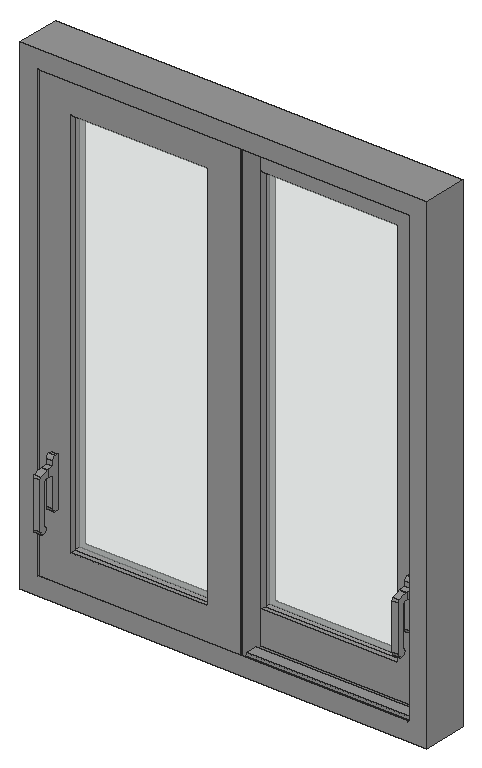
Revit family "2015_Ventana_Alugom_Matra-135RPT_Corredera-2-Hojas_JGJGJG_xxx", category Ventanas, Revit 2015
Parameters (values of type "1230x1480 mm Corredera")
  𝑙𝑔 P2 = (Altura / 1.00 mm - (AnchoMarco / 1.00 mm * 2)) * 2  # 2372
  𝑙𝑔 P1 = ((Altura / 1.00 mm - (AnchoMarco / 1.00 mm * 2)) + (Anchura / 1.00 mm - (AnchoMarco / 1.00 mm * 2 + AnchoMarcoCentral / 1.00 mm))) * 2  # 4028
  𝑈𝑤 = a / Area * 1.00 mm²  # 1.8628
  𝑈𝑔 V2 = 1  # constant formula
  𝑈𝑔 V1 = 1  # constant formula
  𝑈𝑓 P2 = 3.039  # constant formula
  𝑈𝑓 P1 = 2.42  # constant formula
  𝐴𝑔 V2 = (Altura / 1.00 mm - (AnchoMarco / 1.00 mm * 2)) * ((Anchura / 1.00 mm - (AnchoMarco / 1.00 mm * 2 + AnchoMarcoCentral / 1.00 mm)) / 2)  # 491004
  𝐴𝑔 V1 = (Altura / 1.00 mm - (AnchoMarco / 1.00 mm * 2)) * ((Anchura / 1.00 mm - (AnchoMarco / 1.00 mm * 2 + AnchoMarcoCentral / 1.00 mm)) / 2)  # 491004
  𝐴𝑓 P2 = (Altura / 1.00 mm - (AnchoMarco / 1.00 mm * 2)) * (AnchoMarcoCentral / 1.00 mm)  # 128088
  𝐴𝑓 P1 = (((Altura / 1.00 mm + Anchura / 1.00 mm) * AnchoMarco / 1.00 mm) * 2) - (AnchoMarco / 1.00 mm * AnchoMarco / 1.00 mm * 4)  # 710304
  a = (((1000000 * (((𝐴𝑓 P1 * 𝑈𝑓 P1) + (𝐴𝑓 P2 * 𝑈𝑓 P2)) / (𝐴𝑓 P1 + 𝐴𝑓 P2))) * (10 * (𝐴𝑓 P1 + 𝐴𝑓 P2))) / 10000000) + ((𝐴𝑔 V1 + 𝐴𝑔 V2) * (1 * ((𝐴𝑔 V1 * 𝑈𝑔 V1) + (𝐴𝑔 V2 * 𝑈𝑔 V2)) / (𝐴𝑔 V1 + 𝐴𝑔 V2))) + (((1000.00 mm² * (𝑙𝑔 P1 + 𝑙𝑔 P2)) * ((Y𝑔 P1 * 𝑙𝑔 P1) + (Y𝑔 P2 * 𝑙𝑔 P2)) / (𝑙𝑔 P1 + 𝑙𝑔 P2)) / 10.00 mm²)  # 3391003.112
  Y𝑔 P2 = 0.47  # constant formula
  Y𝑔 P1 = 0.47  # constant formula
  VidaUtilEsperada = ""
  VersionElementoBIM = "1.0"  # constant formula
  UnidadMedicion = ""
  UnidadMantenimiento = ""
  Unidad = ""
  Uniclass2.0Titulo = "Accessible openings: Doors and hatches, French windows, sliding wall windows."  # constant formula
  Uniclass2.0Codigo = "30-00-00"  # constant formula
  URLProducto = ""
  UNSPSCTitulo = "Horizontal slider windows"  # constant formula
  UNSPSCCodigo = "30-17-16-07"  # constant formula
  TransmitanciaTermica = 3.7000 W/(m²·K)
  TrabajoMantenimiento = ""
  TipoEmbalajeProteccion = ""
  TiempoMedioEntreFallos = ""
  TelefonoContacto = "+34 91 616 47 27"  # constant formula
  SalidaEmergencia = yes
  ResistenciaFuego = ""
  ResistenciaAlViento = "Clase C5"  # constant formula
  ResiduosPeligrososPorUnidad = 0
  ResiduosPeligrosos = 0
  ResiduosNoPeligrososPorUnidad = 0
  ResiduosNoPeligrosos = 0
  ResiduoRadioactivoPorUnidad = 0
  ResiduoRadioactivo = 0
  ResiduoInertePorUnidad = 0
  ResiduoInerte = 0
  RepisaInterior = yes
  RepisaExterior = yes
  ReferenciaUnidadFuncional = ""
  ReferenciaLote = ""
  ReferenciaContacto = "Alugom"  # constant formula
  Referencia = ""
  PuntoDeContacto = ""
  Practicable = no
  Poliamida = Poliamida, Technoform Bautec, PA66 GF 25
  PermeabilidadAlAire = "Clase 3"  # constant formula
  PeriodoGarantia = ""
  Perimetro = (Anchura / 1.00 mm * 2) + (Altura / 1.00 mm * 2)  # 5420
  Oscilobatiente = no
  Operación = "Corredera"
  OmniclassTitulo = "Horizontal Sliding Windows"  # constant formula
  OmniclassCodigo = "23.30.20.17.14.14"  # constant formula
  NumeroSerie = ""
  NumeroArticuloGlobalComercial = ""
  NumeroArticulo = ""
  NormativaMantenimiento = ""
  NivelSeguridad = ""
  Motorizada = no
  Modelo = "Serie Martra 135RPT"  # constant formula
  MaterialEnvase = ""
  MaterialContenedor = ""
  MateriaPrima = 0
  MasterformatTitulo = "Aluminum Windows"  # constant formula
  MasterformatCodigo = "08 51 13"  # constant formula
  MasaSuperficialKgm2 = 0
  Marco = Aluminio
  Manija = yes
  LugarEnsamblaje = ""
  InstruccionesEspeciales = ""
  InformacionTecnica = ""
  IndiceGlobalRedAcusticaTr = "32 dBA"
  IndiceGlobalRedAcustica = ""
  IdentificadorGarantia = ""
  IFCClasificacion = ""
  GrosorMarco = 135.00 mm  # constant formula
  GrosorAcristalamiento = 22.00 mm  # constant formula
  GarantiaExtendida = ""
  FrecuenciaMantenimiento = ""
  FraccionAreaAcristalamiento = (𝐴𝑔 V1 + 𝐴𝑔 V2) / (Area / 1.00 mm²)  # 53.9446%
  FormacionFotoquimicaOzonoPorUnidad = 0
  FormacionFotoquimicaOzono = 0
  FechaVencimientoElementoBIM = "01/09/2017"  # constant formula
  FechaInstalacion = ""
  FechaInicioGarantia = ""
  FechaFinGarantia = ""
  FechaEvaluacion = ""
  FechaEmisionElementoBIM = "01/09/2016"  # constant formula
  FechaCompra = ""
  FaseCicloVida = ""
  FaltaDeRecursosPorUnidad = 0
  FaltaDeRecursos = 0
  FactorSombra = 0
  FactorSolarModificado = 30000000
  Fabricante = "Grupo ALUGOM"  # constant formula
  Exclusiones = ""
  EutrofizacionPorUnidad = 0
  Eutrofizacion = 0
  EtiquetaModelo = ""
  EstanqueidadAgua = "Clase 8A"  # constant formula
  Estado = ""
  EnergiaRenovableConsumidaPorUnidad = 0
  EnergiaRenovableConsumida = 0
  EnergiaPrimariaTotalConsumidaPorUnidad = 0
  EnergiaPrimariaTotalConsumida = 0
  EnergiaNoRenovableConsumidaPorUnidad = 0
  EnergiaNoRenovableConsumida = 0
  EmisionCO2 = 0
  EmailContacto = "alugom@alugom.com"  # constant formula
  DuracionVidaUtil = ""
  Detalle Perfileria = yes
  DestruccionCapaOzonoEstratosfericaPorUnidad = 0
  DestruccionCapaOzonoEstratosferica = 0
  DesfaseInterior = 0.00 mm
  DesfaseExterior = 0.00 mm
  Descripción = "Ventana Corredera"
  DescripcionEvaluacion = ""
  CosteMantenimiento = 0
  CosteEnergeticoMj = 0 J
  CosteEnergeticoKwh = 0
  Corredera = yes
  ControlHumos = no
  ContenidoGarantia = ""
  ConfiguracionPoliamidas = "215600 - 955100"  # constant formula
  CondicionesMantenimiento = ""
  CondicionesGeneralesDeContratacion = ""
  CondicionesEvaluacion = ""
  Comentarios de tipo = "Sistema de Ventana de 2 Hojas Rotura de Puente Térmico Serie Martra 135RPT Corredera"
  CodigoBedec = ""
  CodigoBarras = ""
  CertificadoMantenimiento = ""
  CerramientoExterior = yes
  CambioClimaticoPorUnidad = 0
  CambioClimatico = 0
  COBieCategoria = ""
  Aperturas Oscilobatiente [instance] = if(and(Aperturas, Oscilobatiente), 1 = 1, 1 = 0)  # no
  Aperturas [instance] = yes
  Anchura Real = if(Anchura > Anchura Máxima, Anchura Máxima, Anchura)  # 1230.00 mm
  Anchura Máxima = 4000.00 mm
  AnchoMarcoCentral = 108.00 mm  # constant formula
  AnchoMarco = 147.00 mm  # constant formula
  Altura Real = if(Altura > Altura Máxima, Altura Máxima, Altura)  # 1480.00 mm
  Altura Máxima = 2500.00 mm
  Altura = 1480.00 mm
  Bimetica = "http://www.bimetica.com"
  AñoProduccion = ""
  Autor = "Bimetica Parametric Design Services, S.L."  # constant formula
  Area = (Altura Real * Anchura Real)  # 1820400.00 mm²
  Altura de antepecho por defecto = 800.00 mm
  Cierre de muro = Por anfitrión
  Anchura = 1230.00 mm
  AguaConsumidaPorUnidad = 0
  AguaConsumida = 0
  Acristalamiento = Cristal - Vidrio claro templado
  AcidificacionAtmosfericaPorUnidad = 0
  AcidificacionAtmosferica = 0
  Acabado = ""
Reference planes
  plane 1 "Centro (Frontal/Posterior)": y = 35
  plane 2 "Centro (Izquierda/Derecha)": x = 0
  plane 3 "Izquierda": x = -615
  plane 4 "Derecha": x = 615
  plane 5 "Antepecho": z = 800
  plane 6 "Extremo inicial": z = 2280
  plane 7 "Interior": y = -100
  plane 8 "ASDAS": y = -100
Forms (mm)
  Sweep 1, solid, material "Aluminio" <- "Marco"
    path origin (0, -100, 0) x (1, 0, 0) y (0, 0, 1)
      loop
        line (615, 800) -> (615, 2280) -> (-615, 2280) -> (-615, 800) -> (615, 800)
    profile origin (615, -100, 1540) x (-1, 0, 0) y (0, -1, 0)
      loop
        line (56.001, -84.75) -> (45.2, -84.75) -> (45.2, -89.248) -> (25.9, -89.248) -> (25.9, -45.753) -> (45.2, -45.753) -> (45.2, -50.252) -> (56.001, -50.252) -> (56.001, -17.252) -> (45.2, -17.252) -> (45.2, -21.75) -> (25.9, -21.75) -> (25.9, -3.35) -> (53.001, -3.35) -> (53.001, 0) -> (0, 0) -> (0, -134.975) -> (23.234, -134.975)
        arc (23.234, -134.975) -> (25.284, -124.201) -> (25.9, -113.251) r 83.285
        line (25.9, -113.251) -> (45.2, -113.251) -> (45.2, -117.75) -> (56.001, -117.75) -> (56.001, -84.75)
  Sweep 2, solid, material "Aluminio" <- "Marco"
    path origin (0, -100, 0) x (1, 0, 0) y (0, 0, 1)
      loop
        line (-615, 800) -> (93, 800) -> (93, 2280) -> (-615, 2280) -> (-615, 800)
    profile origin (-615, -100, 1540) x (-1, 0, 0) y (0, -1, 0)
      loop
        line (-133.052, -31.502) -> (-133.052, -53.502) -> (-151.834, -53.502) -> (-147.002, -58.565) -> (-147.002, -60.252) -> (-47.001, -60.252) -> (-47.001, -54.589) -> (-51.337, -50.252) -> (-56.001, -50.252) -> (-56.001, -17.252) -> (-51.337, -17.252) -> (-47.001, -12.915) -> (-47.001, -7.251) -> (-147.002, -7.251) -> (-147.002, -23.77) -> (-151.834, -31.502) -> (-133.052, -31.502)
  Sweep 3, solid, material "Aluminio" <- "Marco"
    path origin (0, -100, 0) x (1, 0, 0) y (0, 0, 1)
      loop
        line (615, 800) -> (615, 2280) -> (-93, 2280) -> (-93, 800) -> (615, 800)
    profile origin (615, -100, 1540) x (-1, 0, 0) y (0, -1, 0)
      loop
        line (133.052, -120.999) -> (133.052, -98.999) -> (151.834, -98.999) -> (147.002, -91.267) -> (147.002, -74.748) -> (47.001, -74.748) -> (47.001, -80.411) -> (51.337, -84.748) -> (56.001, -84.748) -> (56.001, -117.748) -> (51.337, -117.748) -> (47.001, -122.085) -> (47.001, -127.749) -> (147.002, -127.749) -> (147.002, -126.062) -> (151.834, -120.999) -> (133.052, -120.999)
  Extrusion 4, solid, material "Aluminio" <- "Marco"
    sketch origin (0, 0, 800) x (0, -1, 0) y (1, 0, 0)
      loop
        line (-27.749, -45.999) -> (-27.749, -54.001) -> (33.752, -54.001) -> (33.752, -13.153) -> (39.748, -13.153) -> (39.748, 45.999) -> (92.749, 45.999) -> (92.749, 54.001) -> (31.248, 54.001) -> (31.248, 13.153) -> (25.252, 13.153) -> (25.252, -45.999) -> (-27.749, -45.999)
    from 47.001 to 1432.999
  Extrusion 5, solid, material "Cristal - Vidrio claro templado" <- "Acristalamiento"
    sketch origin (0, 0, 800) x (0, -1, 0) y (1, 0, 0)
      loop
        line (46.498, -481.948) -> (68.498, -481.948) -> (68.498, -40.051) -> (46.498, -40.051) -> (46.498, -481.948)
      loop
        line (1.001, 40.051) -> (1.001, 481.948) -> (-20.999, 481.948) -> (-20.999, 40.051) -> (1.001, 40.051)
    from 133.05 to 1346.95
  Extrusion 6, solid, material "Aluminio" <- "Marco", visible <- "Manija", detail levels fine
    sketch origin (-615, 0, 100) x (0, -1, 0) y (0, 0, 1)
      loop
        line (92.749, 950) -> (102.749, 950)
        arc (102.749, 950) -> (109.82, 952.929) -> (112.749, 960) r 10
        line (112.749, 960) -> (112.749, 1050.581) -> (130.875, 1053.452) -> (130.875, 1073.452) -> (112.749, 1076.323) -> (112.749, 1090)
        arc (112.749, 1090) -> (109.82, 1097.071) -> (102.749, 1100) r 10
        line (102.749, 1100) -> (92.749, 1100) -> (92.749, 950)
    from -110 to -90
  Extrusion 7, solid, material "Aluminio" <- "Marco", visible <- "Manija", detail levels fine
    sketch origin (-615, 0, 100) x (0, -1, 0) y (0, 0, 1)
      loop
        line (130.875, 1053.452) -> (140.875, 1053.452)
        arc (140.875, 1053.452) -> (144.411, 1051.988) -> (145.875, 1048.452) r 5
        line (145.875, 1048.452) -> (145.875, 927.519)
        arc (145.875, 927.519) -> (145.254, 909.55) -> (160.875, 918.452) r 10.295
        line (160.875, 918.452) -> (160.875, 1059.132)
        arc (160.875, 1059.132) -> (159.812, 1062.737) -> (157.221, 1065.461) r 8.011
        arc (157.221, 1065.461) -> (144.411, 1070.651) -> (130.875, 1073.452) r 76.54
        line (130.875, 1073.452) -> (130.875, 1053.452)
    from -90 to -110
  Extrusion 8, solid, material "Aluminio" <- "Marco", visible <- "Manija", detail levels fine
    sketch origin (615, 67.497, 0) x (0, -1, 0) y (0, 0, 1)
      loop
        line (92.749, 1050) -> (102.749, 1050)
        arc (102.749, 1050) -> (109.82, 1052.929) -> (112.749, 1060) r 10
        line (112.749, 1060) -> (112.749, 1150.581) -> (130.875, 1153.452) -> (130.875, 1173.452) -> (112.749, 1176.323) -> (112.749, 1190)
        arc (112.749, 1190) -> (109.82, 1197.071) -> (102.749, 1200) r 10
        line (102.749, 1200) -> (92.749, 1200) -> (92.749, 1050)
    from 110 to 90
  Extrusion 9, solid, material "Aluminio" <- "Marco", visible <- "Manija", detail levels fine
    sketch origin (615, 67.497, 0) x (0, -1, 0) y (0, 0, 1)
      loop
        line (130.875, 1153.452) -> (140.875, 1153.452)
        arc (140.875, 1153.452) -> (144.411, 1151.988) -> (145.875, 1148.452) r 5
        line (145.875, 1148.452) -> (145.875, 1027.519)
        arc (145.875, 1027.519) -> (145.254, 1009.55) -> (160.875, 1018.452) r 10.295
        line (160.875, 1018.452) -> (160.875, 1159.132)
        arc (160.875, 1159.132) -> (159.812, 1162.737) -> (157.221, 1165.461) r 8.011
        arc (157.221, 1165.461) -> (144.411, 1170.651) -> (130.875, 1173.452) r 76.54
        line (130.875, 1173.452) -> (130.875, 1153.452)
    from 90 to 110
Lines and regions (mm)
  Opening 1
    outline origin (3500, -100, 0) x (1, 0, 0) y (0, 0, 1)
      loop
        line (-2885, 800) -> (-2885, 2280) -> (-4115, 2280) -> (-4115, 800) -> (-2885, 800)
  symbolic lines, style "WindowsGlassProjection", detail levels medium+fine
    curve 1: line (-481.948, -68.498, 800) -> (-40.051, -68.498, 800)
    curve 2: line (-481.948, -46.498, 800) -> (-481.948, -68.498, 800)
    curve 3: line (-40.051, -46.498, 800) -> (-481.948, -46.498, 800)
    curve 4: line (-40.051, -68.498, 800) -> (-40.051, -46.498, 800)
    curve 5: line (40.051, -1.001, 800) -> (481.948, -1.001, 800)
    curve 6: line (40.051, 20.999, 800) -> (40.051, -1.001, 800)
    curve 7: line (481.948, 20.999, 800) -> (40.051, 20.999, 800)
    curve 8: line (481.948, -1.001, 800) -> (481.948, 20.999, 800)
    curve 13: line (-615, -46.498, 2146.95) -> (-615, -68.498, 2146.95)
    curve 14: line (-615, -46.498, 933.05) -> (-615, -46.498, 2146.95)
    curve 15: line (-615, -68.498, 933.05) -> (-615, -46.498, 933.05)
    curve 16: line (-615, -68.498, 2146.95) -> (-615, -68.498, 933.05)
    curve 17: line (-615, -64.098, 2146.95) -> (-615, -64.098, 933.05)
    curve 18: line (-615, -50.898, 933.05) -> (-615, -50.898, 2146.95)
  symbolic lines, style "WindowsGlassProjection", detail levels fine
    curve 9: line (-481.948, -64.098, 800) -> (-40.051, -64.098, 800)
    curve 10: line (-40.051, -50.898, 800) -> (-481.948, -50.898, 800)
    curve 11: line (40.051, 3.399, 800) -> (481.948, 3.399, 800)
    curve 12: line (481.948, 16.599, 800) -> (40.051, 16.599, 800)
  symbolic lines, style "Batiente de alzado", visible <- "Aperturas"
    curve 19: line (307.5, -100, 1293.333) -> (307.5, -100, 1786.667)
    curve 20: line (307.5, -100, 1786.667) -> (182.608, -100, 1786.667)
    curve 21: line (182.608, -100, 1786.667) -> (225.035, -100, 1829.093)
    curve 22: line (182.608, -100, 1786.667) -> (225.035, -100, 1744.24)
    curve 23: line (-307.5, -100, 1293.333) -> (-307.5, -100, 1786.667)
    curve 24: line (-307.5, -100, 1786.667) -> (-182.608, -100, 1786.667)
    curve 25: line (-182.608, -100, 1786.667) -> (-225.035, -100, 1829.093)
    curve 26: line (-182.608, -100, 1786.667) -> (-225.035, -100, 1744.24)
Text (mm)
  text "EXTERIOR" at (-1963.203, 1332.353, 0), in view "Nivel de referencia"
  text "INTERIOR" at (-1981.466, -818.386, 0), in view "Nivel de referencia"
  text "Exterior" at (0, 923.751, 2943.296), in view "Derecha"
  text "Exterior" at (0, 1040.484, 2685.409), in view "Izquierda"
Dimensions and locks
  equal spacing: plane 3 "Izquierda", plane 2 "Centro (Izquierda/Derecha)", plane 4 "Derecha"
  "Anchura Real": plane 3 "Izquierda" to plane 4 "Derecha"
  "Altura Real": plane 5 "Antepecho" to plane 6 "Extremo inicial"
  "Altura de antepecho por defecto": plane 5 "Antepecho" to level
  "DesfaseInterior": plane 8 "ASDAS" to plane 7 "Interior"
  "DesfaseExterior": host wall to plane 7 "Interior"
  "GrosorMarco": plane 8 "ASDAS" to plane 1 "Centro (Frontal/Posterior)"
  profile plane to Sweep 1 sketch curve to Sweep 1 sketch curve to Sweep 1 sketch curve to Sweep 1 sketch curve to Sweep 1 sketch curve to Sweep 1 sketch curve to Sweep 1 sketch curve to Sweep 1 sketch curve to Sweep 1 sketch curve to Sweep 1 sketch curve = 3.35 mm locked, 13.901 mm locked, 4.499 mm locked, 24.003 mm locked, 4.499 mm locked, 34.498 mm locked, 4.499 mm locked, 24.003 mm locked, 4.499 mm locked, 17.225 mm locked
  Sweep 1 sketch curve to Sweep 1 sketch curve to Sweep 1 sketch curve to Sweep 1 sketch curve to Sweep 1 sketch curve to Sweep 1 sketch curve to Sweep 1 sketch curve to Sweep 1 sketch curve to Sweep 1 sketch curve to Sweep 1 sketch curve to profile plane = 0.00 mm, 3.00 mm, 7.80 mm locked, 0.00 mm locked, 0.00 mm locked, 0.00 mm locked, 19.30 mm locked, 0.00 mm locked, 2.666 mm locked, 23.234 mm locked
  locked: plane 2 "Centro (Izquierda/Derecha)" to Sweep 2 sketch curve at 93
  locked: Sweep 3 sketch curve to plane 2 "Centro (Izquierda/Derecha)" at 93
  Extrusion 4 sketch curve to Extrusion 4 sketch curve to Extrusion 4 sketch curve to plane 2 "Centro (Izquierda/Derecha)" = 8.002 mm locked, 32.847 mm locked, 13.153 mm locked
  plane 2 "Centro (Izquierda/Derecha)" to Extrusion 4 sketch curve to Extrusion 4 sketch curve to Extrusion 4 sketch curve = 13.153 mm locked, 32.847 mm locked, 8.002 mm locked
  plane 8 "ASDAS" to Extrusion 4 sketch curve to Extrusion 4 sketch curve to Extrusion 4 sketch curve to Extrusion 4 sketch curve to Extrusion 4 sketch curve to Extrusion 4 sketch curve = 7.251 mm locked, 53.001 mm locked, 5.996 mm locked, 2.503 mm locked, 5.996 mm locked, 53.001 mm locked
  locked: plane 3 "Izquierda" to Extrusion 5 sketch curve at 133.052
  Extrusion 5 sketch curve to plane 2 "Centro (Izquierda/Derecha)" to Extrusion 5 sketch curve = 40.051 mm locked, 40.051 mm locked
  locked: Extrusion 5 sketch curve to plane 4 "Derecha" at 133.052
  locked: plane 8 "ASDAS" to Extrusion 5 sketch curve at 31.502
  locked: plane 8 "ASDAS" to Extrusion 5 sketch curve at 98.999
  locked: Extrusion 5 to plane 5 "Antepecho" at 133.05
  locked: plane 6 "Extremo inicial" to Extrusion 5 at 133.05
  plane 5 "Antepecho" to Extrusion 6 sketch curve to Extrusion 6 sketch curve to Extrusion 6 sketch curve to Extrusion 6 sketch curve to Extrusion 6 sketch curve to Extrusion 6 sketch curve to Extrusion 6 sketch curve to Extrusion 6 sketch curve = 250.00 mm locked, 10.00 mm locked, 90.581 mm locked, 2.871 mm locked, 20.00 mm locked, 2.871 mm locked, 13.677 mm locked, 10.00 mm locked
  Extrusion 6 sketch curve to plane 8 "ASDAS" to Extrusion 6 sketch curve to Extrusion 6 sketch curve to Extrusion 6 sketch curve = 7.251 mm locked, 12.749 mm locked, 0.00 mm locked, 18.126 mm locked
  plane 5 "Antepecho" to Extrusion 7 sketch curve to Extrusion 7 sketch curve to Extrusion 7 sketch curve to Extrusion 7 sketch curve to Extrusion 7 sketch curve to Extrusion 7 sketch curve to Extrusion 7 sketch curve = 218.361 mm locked, 9.158 mm locked, 69.888 mm locked, 51.046 mm locked, 5.00 mm locked, 5.28 mm locked, 14.72 mm locked
  plane 8 "ASDAS" to Extrusion 7 sketch curve to Extrusion 7 sketch curve to Extrusion 7 sketch curve to Extrusion 7 sketch curve to Extrusion 7 sketch curve to Extrusion 7 sketch curve to Extrusion 7 sketch curve = 22.193 mm locked, 8.682 mm locked, 10.00 mm locked, 5.00 mm locked, 4.705 mm locked, 2.294 mm locked, 8.001 mm locked
  plane 3 "Izquierda" to Extrusion 6 to Extrusion 6 = 90.00 mm locked, 20.00 mm locked
  plane 3 "Izquierda" to Extrusion 7 to Extrusion 7 = 90.00 mm locked, 20.00 mm locked
  plane 5 "Antepecho" to Extrusion 8 sketch curve to Extrusion 8 sketch curve to Extrusion 8 sketch curve to Extrusion 8 sketch curve to Extrusion 8 sketch curve to Extrusion 8 sketch curve to Extrusion 8 sketch curve to Extrusion 8 sketch curve = 250.00 mm locked, 10.00 mm locked, 90.581 mm locked, 2.871 mm locked, 20.00 mm locked, 2.871 mm locked, 13.677 mm locked, 10.00 mm locked
  Extrusion 8 sketch curve to Extrusion 8 sketch curve to Extrusion 8 sketch curve to Extrusion 8 sketch curve to plane 8 "ASDAS" = 20.00 mm, 0.00 mm locked, 18.126 mm locked, 36.622 mm locked
  plane 5 "Antepecho" to Extrusion 9 sketch curve to Extrusion 9 sketch curve to Extrusion 9 sketch curve to Extrusion 9 sketch curve to Extrusion 9 sketch curve to Extrusion 9 sketch curve to Extrusion 9 sketch curve = 218.361 mm locked, 9.158 mm locked, 69.888 mm locked, 51.046 mm locked, 5.00 mm locked, 5.28 mm locked, 14.72 mm locked
  Extrusion 9 sketch curve to Extrusion 9 sketch curve to Extrusion 9 sketch curve to Extrusion 9 sketch curve to Extrusion 9 sketch curve to Extrusion 9 sketch curve to Extrusion 9 sketch curve to plane 8 "ASDAS" = 8.682 mm locked, 10.00 mm locked, 5.00 mm locked, 4.705 mm locked, 2.294 mm locked, 8.001 mm locked, 6.622 mm locked
  Extrusion 8 to Extrusion 8 to plane 4 "Derecha" = 20.00 mm locked, 90.00 mm locked
  Extrusion 9 to Extrusion 9 to plane 4 "Derecha" = 20.00 mm locked, 90.00 mm locked
  locked: plane 3 "Izquierda" to curve 2 at 133.052
  curve 4 to plane 2 "Centro (Izquierda/Derecha)" to curve 6 = 40.051 mm locked, 40.051 mm locked
  locked: curve 8 to plane 4 "Derecha" at 133.052
  plane 8 "ASDAS" to curve 1 to curve 9 to curve 10 to curve 3 = 31.502 mm locked, 4.40 mm locked, 13.20 mm locked, 4.40 mm locked
  plane 8 "ASDAS" to curve 5 to curve 11 to curve 12 to curve 7 = 98.999 mm locked, 4.40 mm locked, 13.20 mm locked, 4.40 mm locked
  locked: plane 5 "Antepecho" to curve 15 at 133.05
  locked: curve 13 to plane 6 "Extremo inicial" at 133.05
  curve 14 to curve 18 to curve 17 to curve 16 to plane 8 "ASDAS" = 4.40 mm locked, 13.20 mm locked, 4.40 mm locked, 31.502 mm locked
  profile plane to Sweep 3 sketch curve to Sweep 3 sketch curve to Sweep 3 sketch curve to Sweep 3 sketch curve to Sweep 3 sketch curve to Sweep 3 sketch curve to Sweep 3 sketch curve to Sweep 3 sketch curve to Sweep 3 sketch curve to Sweep 3 sketch curve = 74.748 mm locked, 5.664 mm locked, 4.337 mm locked, 6.519 mm locked, 7.732 mm locked, 18.75 mm locked, 3.25 mm locked, 1.086 mm locked, 3.976 mm locked, 1.687 mm locked
  Sweep 3 sketch curve to Sweep 3 sketch curve to Sweep 3 sketch curve to Sweep 3 sketch curve to Sweep 3 sketch curve to Sweep 3 sketch curve to Sweep 3 sketch curve to Sweep 3 sketch curve to Sweep 3 sketch curve to Sweep 3 sketch curve to profile plane = 0.00 mm locked, 4.831 mm locked, 0.00 mm locked, 13.95 mm locked, 77.052 mm locked, 4.663 mm locked, 0.00 mm locked, 4.337 mm locked, 0.00 mm locked, 47.001 mm locked
  profile plane to Sweep 2 sketch curve to Sweep 2 sketch curve to Sweep 2 sketch curve to Sweep 2 sketch curve to Sweep 2 sketch curve to Sweep 2 sketch curve to Sweep 2 sketch curve to Sweep 2 sketch curve to Sweep 2 sketch curve to Sweep 2 sketch curve = 7.251 mm locked, 5.664 mm locked, 4.337 mm locked, 6.519 mm locked, 7.732 mm locked, 18.75 mm locked, 3.25 mm locked, 1.086 mm locked, 3.976 mm locked, 1.687 mm locked
  profile plane to Sweep 2 sketch curve to Sweep 2 sketch curve to Sweep 2 sketch curve to Sweep 2 sketch curve to Sweep 2 sketch curve to Sweep 2 sketch curve to Sweep 2 sketch curve to Sweep 2 sketch curve to Sweep 2 sketch curve to Sweep 2 sketch curve = 47.001 mm locked, 0.00 mm locked, 4.337 mm locked, 0.00 mm locked, 4.663 mm locked, 77.052 mm locked, 13.95 mm locked, 0.00 mm locked, 4.831 mm locked, 0.00 mm locked
  equal spacing: plane 2 "Centro (Izquierda/Derecha)", curve 19, plane 4 "Derecha"
  equal spacing: plane 6 "Extremo inicial", curve 20, curve 19, plane 5 "Antepecho"
  curve 19 to curve 22 to curve 21 to curve 22 = 82.465 mm locked, 0.00 mm locked, 42.426 mm locked
  curve 21 to curve 20 to curve 22 = 42.426 mm locked, 42.426 mm locked
  equal spacing: plane 6 "Extremo inicial", curve 24, curve 23, plane 5 "Antepecho"
  curve 23 to curve 26 to curve 25 to curve 26 = 82.465 mm locked, 0.00 mm locked, 42.426 mm locked
  curve 25 to curve 24 to curve 26 = 42.426 mm locked, 42.426 mm locked
  equal spacing: plane 3 "Izquierda", curve 23, plane 2 "Centro (Izquierda/Derecha)"
  "GrosorAcristalamiento": Extrusion 5 to Extrusion 5  (x2)
  aligned and locked: nested 1 to plane 4 "Derecha"
  aligned and locked: nested 1 to plane 8 "ASDAS"
  aligned and locked: Sweep 1 sketch curve to plane 4 "Derecha"
  aligned and locked: plane 5 "Antepecho" to Sweep 1 sketch curve
  aligned and locked: plane 3 "Izquierda" to Sweep 1 sketch curve
  aligned and locked: Sweep 1 sketch curve to plane 6 "Extremo inicial"
  aligned and locked: profile plane to Sweep 1 sketch curve  (x2)
  aligned and locked: nested 2 to plane 3 "Izquierda"
  aligned and locked: plane 8 "ASDAS" to nested 2
  aligned and locked: plane 8 "ASDAS" to nested 3
  aligned and locked: nested 3 to plane 3 "Izquierda"
  aligned and locked: nested 5 to plane 2 "Centro (Izquierda/Derecha)"
  aligned and locked: nested 5 to nested 1
  aligned and locked: Sweep 2 sketch curve to plane 3 "Izquierda"
  aligned and locked: Sweep 2 sketch curve to plane 5 "Antepecho"
  aligned and locked: plane 6 "Extremo inicial" to Sweep 2 sketch curve
  aligned and locked: plane 5 "Antepecho" to Sweep 3 sketch curve
  aligned and locked: Sweep 3 sketch curve to plane 4 "Derecha"
  aligned and locked: Sweep 3 sketch curve to plane 6 "Extremo inicial"
  aligned and locked: Sweep 2 sketch curve to nested 3  (x4)
  aligned and locked: Sweep 2 to Extrusion 4
  aligned and locked: Extrusion 4 to Sweep 2
  aligned and locked: plane 8 "ASDAS" to nested 6  (x2)
  aligned and locked: nested 6 to plane 5 "Antepecho"
  aligned and locked: nested 7 to plane 5 "Antepecho"
  aligned and locked: plane 8 "ASDAS" to nested 7
  aligned and locked: nested 8 to plane 6 "Extremo inicial"
  aligned and locked: nested 9 to plane 6 "Extremo inicial"
  aligned and locked: plane 1 "Centro (Frontal/Posterior)" to nested 4
  aligned and locked: nested 9 to plane 8 "ASDAS"
  aligned and locked: plane 8 "ASDAS" to nested 9
  aligned and locked: nested 8 to plane 8 "ASDAS"
  aligned and locked: nested 4 to plane 4 "Derecha"
Automatic sketch dimensions
  plane 1 "Centro (Frontal/Posterior)" to Extrusion 5 sketch curve = 14.001 mm
  Extrusion 5 sketch curve to Extrusion 5 sketch curve = 22.00 mm
  plane 3 "Izquierda" to Opening 1 sketch curve = 0.00 mm
  plane 4 "Derecha" to Opening 1 sketch curve = 0.00 mm
  Opening 1 sketch curve to plane 5 "Antepecho" = 0.00 mm
  Opening 1 sketch curve to plane 6 "Extremo inicial" = 0.00 mm
  profile plane to Sweep 1 sketch curve = 57.381 mm
  Sweep 1 sketch curve to Sweep 1 sketch curve = 19.30 mm
  Extrusion 7 sketch curve to Extrusion 7 sketch curve = 0.40 mm
  Extrusion 9 sketch curve to Extrusion 9 sketch curve = 0.40 mm
Nested families
  nested 1: "Alugom_Martra-135RPT_Detalle-Carpintería" at (615, -100, 0) x (-1, 0, 0) z (0, 0, 1), visible <- "Detalle Perfileria", type "Marco 2 Hojas", detail levels medium+fine
    with Juntas Marco Vertical Real no, Juntas Marco Vertical 3H no, Juntas Marco Vertical no, Juntas Marco Horizontal Real no, Juntas Marco Horizontal 3H no, Juntas Marco Horizontal no, Accesorio Vertical Real no, Accesorio Vertical no, Accesorio Horizontal Real no, Accesorio Horizontal no
  nested 2: "Alugom_Martra-135RPT_Detalle-Carpintería" at (-615, -100, 0), visible <- "Detalle Perfileria", type "Marco 2 Hojas", detail levels medium+fine
    with Juntas Marco Vertical Real yes, Juntas Marco Vertical 3H no, Juntas Marco Vertical yes, Juntas Marco Horizontal Real no, Juntas Marco Horizontal 3H no, Juntas Marco Horizontal no, Accesorio Vertical Real no, Accesorio Vertical no, Accesorio Horizontal Real no, Accesorio Horizontal no
  nested 3: "Alugom_Martra-135RPT_Detalle-Carpintería" at (-615, -100, 0), visible <- "Detalle Perfileria", type "Hoja Lateral", detail levels medium+fine
    with Juntas Marco Vertical Real no, Juntas Marco Vertical 3H no, Juntas Marco Vertical no, Juntas Marco Horizontal Real no, Juntas Marco Horizontal 3H no, Juntas Marco Horizontal no, Accesorio Vertical Real yes, Accesorio Vertical yes, Accesorio Horizontal Real no, Accesorio Horizontal no
  nested 4: "Alugom_Martra-135RPT_Detalle-Carpintería" at (615, -32.503, 0) x (-1, 0, 0) z (0, 0, 1), visible <- "Detalle Perfileria", type "Hoja Lateral", detail levels medium+fine
    with Juntas Marco Vertical Real no, Juntas Marco Vertical 3H no, Juntas Marco Vertical no, Juntas Marco Horizontal Real no, Juntas Marco Horizontal 3H no, Juntas Marco Horizontal no, Accesorio Vertical Real yes, Accesorio Vertical yes, Accesorio Horizontal Real no, Accesorio Horizontal no
  nested 5: "Alugom_Martra-135RPT_Detalle-Carpintería" at (0, -100, 0), visible <- "Detalle Perfileria", type "Hojas Centrales Correderas", detail levels medium+fine
    with Juntas Marco Vertical Real no, Juntas Marco Vertical 3H no, Juntas Marco Vertical no, Juntas Marco Horizontal Real no, Juntas Marco Horizontal 3H no, Juntas Marco Horizontal no, Accesorio Vertical Real no, Accesorio Vertical no, Accesorio Horizontal Real no, Accesorio Horizontal no
  nested 6: "Alugom_Martra-135RPT_Detalle-Carpintería" at (-615, -100, 800) x (0, 0, 1) z (-1, 0, 0), visible <- "Detalle Perfileria", type "Marco 2 Hojas", detail levels medium+fine
    with Juntas Marco Vertical Real no, Juntas Marco Vertical 3H no, Juntas Marco Vertical no, Juntas Marco Horizontal Real yes, Juntas Marco Horizontal 3H no, Juntas Marco Horizontal yes, Accesorio Vertical Real no, Accesorio Vertical no, Accesorio Horizontal Real no, Accesorio Horizontal no
  nested 7: "Alugom_Martra-135RPT_Detalle-Carpintería" at (-615, -100, 800) x (0, 0, 1) z (-1, 0, 0), visible <- "Detalle Perfileria", type "Hoja Lateral", detail levels medium+fine
    with Juntas Marco Vertical Real no, Juntas Marco Vertical 3H no, Juntas Marco Vertical no, Juntas Marco Horizontal Real no, Juntas Marco Horizontal 3H no, Juntas Marco Horizontal no, Accesorio Vertical Real no, Accesorio Vertical no, Accesorio Horizontal Real yes, Accesorio Horizontal yes
  nested 8: "Alugom_Martra-135RPT_Detalle-Carpintería" at (-615, -100, 2280) x (0, 0, -1) z (-1, 0, 0), visible <- "Detalle Perfileria", type "Hoja Lateral", detail levels medium+fine
    with Juntas Marco Vertical Real no, Juntas Marco Vertical 3H no, Juntas Marco Vertical no, Juntas Marco Horizontal Real no, Juntas Marco Horizontal 3H no, Juntas Marco Horizontal no, Accesorio Vertical Real no, Accesorio Vertical no, Accesorio Horizontal Real no, Accesorio Horizontal no
  nested 9: "Alugom_Martra-135RPT_Detalle-Carpintería" at (-615, -100, 2280) x (0, 0, -1) z (-1, 0, 0), visible <- "Detalle Perfileria", type "Marco 2 Hojas", detail levels medium+fine
    with Juntas Marco Vertical Real yes, Juntas Marco Vertical 3H no, Juntas Marco Vertical yes, Juntas Marco Horizontal Real no, Juntas Marco Horizontal 3H no, Juntas Marco Horizontal no, Accesorio Vertical Real no, Accesorio Vertical no, Accesorio Horizontal Real no, Accesorio Horizontal no
Definition of nested family "Alugom_Martra-135RPT_Detalle-Carpintería"
  Parameters (values of type "Marco 3 Hojas")
    URL = "http://www.alugom.com/"
    Hojas Centrales Correderas Encuentro = no
    Hojas Centrales Correderas = no
    Model = "Martra-135RPT"  # constant formula
    Marco 3 Hojas = yes
    Juntas Marco Vertical Real [instance] = and(or(Marco 2 Hojas, Marco 3 Hojas), Juntas Marco Vertical)  # no
    Juntas Marco Vertical 3H [instance] = and(Marco 3 Hojas, Juntas Marco Vertical Real)  # no
    Juntas Marco Vertical [instance] = no
    Juntas Marco Horizontal Real [instance] = and(or(Marco 2 Hojas, Marco 3 Hojas), Juntas Marco Horizontal, not(Juntas Marco Vertical Real))  # no
    Juntas Marco Horizontal 3H [instance] = and(Marco 3 Hojas, Juntas Marco Horizontal Real)  # no
    Juntas Marco Horizontal [instance] = no
    Hoja Lateral = no
    Marco 2 Hojas = no
    FechaVencimientoElementoBIM = "31/08/2017"  # constant formula
    FechaEmisionElementoBIM = "31/08/2016"  # constant formula
    Manufacturer = "Alugom"  # constant formula
    Description = "Detalle carpintería Serie Martra-135RPT_Marco 3 Hojas"
    Bimetica = "http://www.bimetica.com"
    Autor = "Bimetica Parametric Design Services, S.L."  # constant formula
    Accesorio Vertical Real [instance] = and(Hoja Lateral, Accesorio Vertical)  # no
    Accesorio Vertical [instance] = no
    Accesorio Horizontal Real [instance] = and(Hoja Lateral, Accesorio Horizontal)  # no
    Accesorio Horizontal [instance] = no
  Types (6, lengths in mm): name | Hojas Centrales Correderas Encuentro | Hojas Centrales Correderas | Marco 3 Hojas | Hoja Lateral | Marco 2 Hojas | Description
    (no name) | no | no | yes | no | no | "Detalle carpintería Serie Martra-135RPT_Marco 3 Hojas"
    Hoja Lateral | no | no | no | yes | no | "Detalle carpintería Serie Martra-135RPT_Hoja Lateral"
    Hojas Centrales Correderas | no | yes | no | no | no | "Detalle carpintería Serie Martra-135RPT_Hojas Centrales Correderas"
    Marco 2 Hojas | no | no | no | no | yes | "Detalle carpintería Serie Martra-135RPT_Marco 2 Hojas"
    Marco 3 Hojas | no | no | yes | no | no | "Detalle carpintería Serie Martra-135RPT_Marco 3 Hojas"
    Hojas Centrales Correderas Encuentro | yes | no | no | no | no | "Detalle carpintería Serie Martra-135RPT_Hojas Centrales Correderas"
  Reference planes
    plane 1 "Centro (Frontal/Posterior)": y = 0
    plane 2: z = 0
    plane 3 "Centro (Izquierda/Derecha)": x = 0
    plane 4: y = 67.503
  Lines and regions (mm)
    Masking region 1, in view "Nivel de referencia", visible <- "Marco 2 Hojas"
      outline origin (0, 0, 0) x (1, 0, 0) y (0, 1, 0)
        loop
          line (0, 134.975) -> (0, 0) -> (53.001, 0) -> (53.001, 3.35) -> (25.9, 3.35) -> (25.9, 21.75) -> (45.2, 21.75) -> (45.2, 17.252) -> (56.001, 17.252) -> (56.001, 50.252) -> (45.2, 50.252) -> (45.2, 45.753) -> (25.9, 45.753) -> (25.9, 89.248) -> (45.2, 89.248) -> (45.2, 84.75) -> (56.001, 84.75) -> (56.001, 117.75) -> (45.2, 117.75) -> (45.2, 113.251) -> (25.9, 113.251)
          arc (25.9, 113.251) -> (25.284, 124.201) -> (23.234, 134.975) r 83.285
          line (23.234, 134.975) -> (0, 134.975)
    Masking region 2, in view "Nivel de referencia", visible <- "Hoja Lateral"
      outline origin (0, 0, 0) x (1, 0, 0) y (0, 1, 0)
        loop
          line (47.001, 60.252) -> (47.001, 54.589) -> (51.337, 50.252) -> (56.001, 50.252) -> (56.001, 17.252) -> (51.337, 17.252) -> (47.001, 12.915) -> (47.001, 7.251) -> (147.002, 7.251) -> (147.002, 23.77) -> (151.834, 31.502) -> (133.052, 31.502) -> (133.052, 53.502) -> (151.834, 53.502) -> (147.002, 58.565) -> (147.002, 60.252) -> (47.001, 60.252)
    Masking region 3, in view "Nivel de referencia", visible <- "Hojas Centrales Correderas"
      outline origin (45, 0, 0) x (1, 0, 0) y (0, 1, 0)
        loop
          line (-99.001, 127.749) -> (-99.001, 58.565) -> (-103.832, 53.502) -> (-85.051, 53.502) -> (-85.051, 31.502) -> (-103.832, 31.502) -> (-99.001, 23.77) -> (-99.001, 7.251) -> (9.001, 7.251) -> (9.001, 91.267) -> (13.832, 98.999) -> (-4.949, 98.999) -> (-4.949, 120.999) -> (13.832, 120.999) -> (9.001, 126.062) -> (9.001, 127.749) -> (-99.001, 127.749)
    Masking region 4, in view "Nivel de referencia", visible <- "Hojas Centrales Correderas Encuentro"
      outline origin (0, 67.497, 0) x (1, 0, 0) y (0, 1, 0)
        loop
          line (4.427, 60.252) -> (4.427, 50.252) -> (-1.572, 50.252) -> (-1.572, 60.252) -> (-104.429, 60.252) -> (-104.429, 58.565) -> (-109.26, 53.502) -> (-90.479, 53.502) -> (-90.479, 31.502) -> (-109.26, 31.502) -> (-104.429, 23.77) -> (-104.429, 7.251) -> (-1.572, 7.251) -> (-1.572, 17.252) -> (4.427, 17.252) -> (4.427, 7.251) -> (104.429, 7.251) -> (104.429, 23.77) -> (109.26, 31.502) -> (90.479, 31.502) -> (90.479, 53.502) -> (109.26, 53.502) -> (104.429, 58.565) -> (104.429, 60.252) -> (4.427, 60.252)
